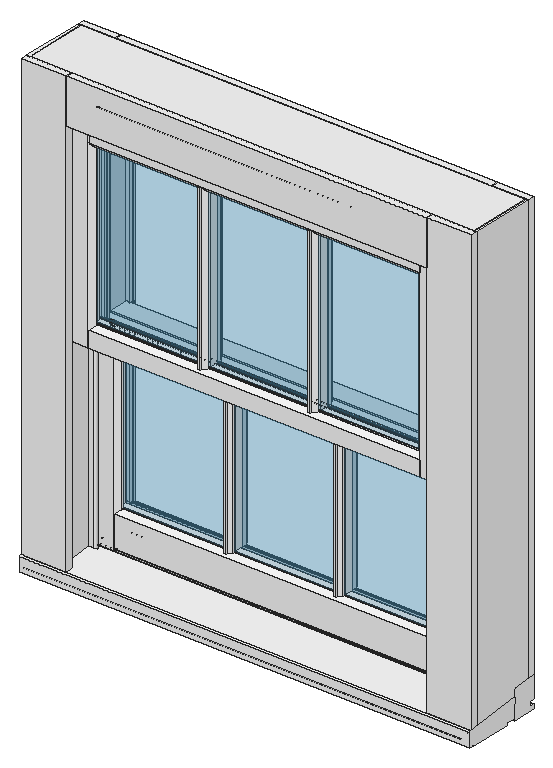
Revit family "B1-33V", category Generic Models, Revit 2012 (continued)
Forms (mm)
  Extrusion 85, solid, material "White" <- "Floor Material", detail levels fine
    sketch origin (-420.706, -53.846, -227.023) x (1, 0, 0) y (0, 1, 0)
      loop
        line (-8.825, 93.096) -> (11.175, 93.096) -> (11.175, 99.096) -> (9.175, 99.096) -> (9.175, 101.596)
        arc (9.175, 101.596) -> (7.469, 106.111) -> (3.675, 109.096) r 9
        line (3.675, 109.096) -> (3.675, 111.096) -> (-1.325, 111.096) -> (-1.325, 109.096)
        arc (-1.325, 109.096) -> (-5.119, 106.111) -> (-6.825, 101.596) r 9
        line (-6.825, 101.596) -> (-6.825, 99.096) -> (-8.825, 99.096) -> (-8.825, 93.096)
      loop
        line (-8.825, 61.911) -> (-1.376, 53.757) -> (-1.376, 51.757) -> (3.624, 51.757) -> (3.624, 53.757) -> (11.175, 64.711) -> (-8.825, 64.711) -> (-8.825, 61.911)
    from 754.583 to 1118.062
  Extrusion 86, solid, material "White" <- "Floor Material"
    sketch origin (-21.437, 0, -227.023) x (1, 0, 0) y (0, 1, 0)
      loop
        line (-408.094, 34) -> (-408.094, 18) -> (-388.094, 18) -> (-388.094, 34) -> (-408.094, 34)
    from 754.583 to 1108
  Extrusion 87, solid, material "White" <- "Floor Material"
    sketch origin (-21.437, 71, -227.023) x (1, 0, 0) y (0, 1, 0)
      loop
        line (-408.094, 34) -> (-408.094, 18) -> (-388.094, 18) -> (-388.094, 34) -> (-408.094, 34)
    from 356.027 to 710.583
  Extrusion 88, solid, material "White" <- "Floor Material"
    sketch origin (-175.124, 16.904, -227.023) x (1, 0, 0) y (0, 1, 0)
      loop
        line (-8.825, 91.096) -> (11.175, 91.096) -> (11.175, 99.096) -> (9.175, 99.096) -> (9.175, 100.804)
        arc (9.175, 100.804) -> (7.675, 105.779) -> (3.675, 109.096) r 9
        line (3.675, 109.096) -> (3.675, 111.096) -> (-1.325, 111.096) -> (-1.325, 109.096)
        arc (-1.325, 109.096) -> (-5.325, 105.779) -> (-6.825, 100.804) r 9
        line (-6.825, 100.804) -> (-6.825, 99.096) -> (-8.825, 99.096) -> (-8.825, 91.096)
      loop
        line (11.175, 62.296) -> (11.175, 65.096) -> (-8.825, 65.096) -> (-8.825, 62.296) -> (-1.325, 54.142) -> (-1.325, 52.142) -> (3.675, 52.142) -> (3.675, 54.142) -> (11.175, 62.296)
    from 356.027 to 710.583
  Extrusion 89, solid, material "White" <- "Floor Material", detail levels fine
    sketch origin (-175.124, -53.846, -227.023) x (1, 0, 0) y (0, 1, 0)
      loop
        line (-8.825, 93.096) -> (11.175, 93.096) -> (11.175, 99.096) -> (9.175, 99.096) -> (9.175, 101.596)
        arc (9.175, 101.596) -> (7.469, 106.111) -> (3.675, 109.096) r 9
        line (3.675, 109.096) -> (3.675, 111.096) -> (-1.325, 111.096) -> (-1.325, 109.096)
        arc (-1.325, 109.096) -> (-5.325, 105.779) -> (-6.825, 100.804) r 9
        line (-6.825, 100.804) -> (-6.825, 99.096) -> (-8.825, 99.096) -> (-8.825, 93.096)
      loop
        line (-8.825, 61.911) -> (-1.376, 53.757) -> (-1.376, 51.757) -> (3.624, 51.757) -> (3.624, 53.757) -> (11.175, 64.711) -> (-8.825, 64.711) -> (-8.825, 61.911)
    from 754.583 to 1118.062
  Extrusion 90, solid, material "White" <- "Floor Material"
    sketch origin (224.145, 0, -227.023) x (1, 0, 0) y (0, 1, 0)
      loop
        line (-408.094, 34) -> (-408.094, 18) -> (-388.094, 18) -> (-388.094, 34) -> (-408.094, 34)
    from 754.583 to 1108
  Extrusion 91, solid, material "White" <- "Floor Material"
    sketch origin (224.145, 71, -227.023) x (1, 0, 0) y (0, 1, 0)
      loop
        line (-408.094, 34) -> (-408.094, 18) -> (-388.094, 18) -> (-388.094, 34) -> (-408.094, 34)
    from 356.027 to 710.583
Dimensions and locks
  plane 4 to level = 1023.04 mm
  plane 8 to plane 5 = 131 mm  (x2)
  plane 9 to plane 7 = 174 mm
  locked: plane 10 to plane 11 at 44
  locked: plane 4 to plane 12 at 100
  locked: plane 13 to plane 12 at 14
  plane 14 to level = 33 mm
  locked: Extrusion 58 to Extrusion 58 at 6
  Extrusion 4 to Extrusion 4 = 4 mm
  locked: plane 4 to plane 15 at 82
  plane 16 to level = 68 mm
  "Width": plane 17 to plane 5
  Extrusion 57 to Extrusion 24 = 1023.04 mm
  locked: Extrusion 80 to Extrusion 80 at 6
  plane 17 to plane 3 "Center (Left/Right)" = 131 mm
  aligned and locked: level to plane 2
  aligned and locked: Extrusion 5 to Extrusion 6
  aligned and locked: Extrusion 34 to Extrusion 33
  aligned and locked: plane 7 to Extrusion 23
  aligned and locked: Extrusion 16 to plane 8
  aligned and locked: Extrusion 14 to plane 8
  aligned and locked: Extrusion 21 to plane 8
  aligned and locked: Extrusion 18 to plane 8
  aligned and locked: Extrusion 20 to plane 8
  aligned and locked: Extrusion 17 to plane 8
  aligned and locked: Extrusion 19 to plane 8
  aligned and locked: Extrusion 22 to plane 8
  aligned and locked: Extrusion 8 to plane 8
  aligned and locked: Extrusion 10 to plane 8
  aligned and locked: Extrusion 3 to plane 8
  aligned and locked: Extrusion 9 to plane 8
  aligned and locked: Extrusion 5 to plane 8
  aligned and locked: Extrusion 7 to plane 8
  aligned and locked: Extrusion 2 to plane 8
  aligned and locked: Extrusion 6 to plane 8
  aligned and locked: Extrusion 9 to Extrusion 16
  aligned and locked: Extrusion 8 to Extrusion 16
  aligned and locked: Extrusion 29 to plane 8
  aligned and locked: Extrusion 27 to plane 8
  aligned and locked: Extrusion 31 to plane 8
  aligned and locked: Extrusion 34 to plane 8
  aligned and locked: Extrusion 33 to plane 8
  aligned and locked: Extrusion 35 to plane 8
  aligned and locked: Extrusion 36 to plane 8
  aligned and locked: Extrusion 32 to plane 8
  aligned and locked: Extrusion 28 to plane 8
  aligned and locked: Extrusion 4 to plane 8
  aligned and locked: plane 10 to Extrusion 2
  aligned and locked: plane 10 to Extrusion 40
  aligned and locked: plane 11 to Extrusion 1
  aligned and locked: Extrusion 44 to plane 11
  aligned and locked: Extrusion 43 to plane 11
  aligned and locked: plane 13 to Extrusion 43
  aligned and locked: plane 13 to Extrusion 44
  aligned and locked: plane 13 to Extrusion 54
  aligned and locked: plane 13 to Extrusion 53
  aligned and locked: plane 13 to Extrusion 52
  aligned and locked: plane 13 to Extrusion 46
  aligned and locked: Extrusion 15 to Extrusion 55
  aligned and locked: Extrusion 25 to plane 17
Automatic sketch dimensions
  plane 1 "Center (Front/Back)" to Extrusion 17 sketch curve = 3.465 mm
  Extrusion 17 sketch curve to Extrusion 17 sketch curve = 1.414 mm
  Extrusion 17 sketch curve to plane 15 = 1.206 mm
  Extrusion 17 sketch curve to plane 15 = 0.117 mm
  plane 15 to Extrusion 17 sketch curve = 2.992 mm
  Extrusion 17 sketch curve to Extrusion 17 sketch curve = 1.085 mm
  plane 15 to Extrusion 18 sketch curve = 2.687 mm
  plane 1 "Center (Front/Back)" to Extrusion 18 sketch curve = 8.25 mm
  plane 15 to Extrusion 18 sketch curve = 0.187 mm
  Extrusion 18 sketch curve to Extrusion 18 sketch curve = 4 mm
  Extrusion 18 sketch curve to Extrusion 18 sketch curve = 0 mm
  Extrusion 18 sketch curve to Extrusion 18 sketch curve = 0.786 mm
  Extrusion 18 sketch curve to Extrusion 18 sketch curve = 1.414 mm  (x2)
  Extrusion 18 sketch curve to Extrusion 18 sketch curve = 0.8 mm  (x2)
  Extrusion 18 sketch curve to plane 15 = 0.117 mm
  Extrusion 18 sketch curve to plane 15 = 1.206 mm
  Extrusion 18 sketch curve to Extrusion 18 sketch curve = 0.857 mm  (x2)
  plane 15 to Extrusion 18 sketch curve = 2.992 mm
  Extrusion 18 sketch curve to Extrusion 18 sketch curve = 1.089 mm
  plane 1 "Center (Front/Back)" to Extrusion 19 sketch curve = 2.05 mm
  Extrusion 19 sketch curve to plane 1 "Center (Front/Back)" = 2.612 mm
  Extrusion 19 sketch curve to plane 15 = 1.419 mm
  plane 15 to Extrusion 19 sketch curve = 0.664 mm
  Extrusion 19 sketch curve to Extrusion 19 sketch curve = 1.235 mm
  plane 15 to Extrusion 19 sketch curve = 4.262 mm
  plane 5 to Extrusion 38 sketch curve = 34.063 mm  (x2)
  Extrusion 38 sketch curve to Extrusion 38 sketch curve = 45 mm  (x2)
  Extrusion 38 sketch curve to Extrusion 38 sketch curve = 0 mm  (x2)
  Extrusion 38 sketch curve to Extrusion 38 sketch curve = 3 mm  (x2)
  Extrusion 38 sketch curve to plane 1 "Center (Front/Back)" = 14.937 mm
  Extrusion 38 sketch curve to plane 1 "Center (Front/Back)" = 21.437 mm
  Extrusion 38 sketch curve to Extrusion 38 sketch curve = 16 mm  (x2)
  Extrusion 38 sketch curve to Extrusion 38 sketch curve = 6.5 mm  (x3)
  Extrusion 38 sketch curve to Extrusion 38 sketch curve = 42 mm
  Extrusion 72 sketch curve to plane 24 = 2.01 mm
  Extrusion 72 sketch curve to Extrusion 72 sketch curve = 0.402 mm
  Extrusion 72 sketch curve to Extrusion 72 sketch curve = 0.389 mm
  plane 24 to Extrusion 72 sketch curve = 2.251 mm
  Extrusion 72 sketch curve to Extrusion 72 sketch curve = 0.129 mm  (x2)
  Extrusion 72 sketch curve to Extrusion 72 sketch curve = 0.752 mm
  Extrusion 72 sketch curve to Extrusion 72 sketch curve = 0.163 mm
  plane 24 to Extrusion 72 sketch curve = 3.228 mm
  Extrusion 72 sketch curve to Extrusion 72 sketch curve = 0.092 mm
  Extrusion 72 sketch curve to Extrusion 72 sketch curve = 0.227 mm
  Extrusion 72 sketch curve to Extrusion 72 sketch curve = 0.4 mm
  Extrusion 72 sketch curve to Extrusion 72 sketch curve = 0.019 mm
  Extrusion 72 sketch curve to Extrusion 72 sketch curve = 0.794 mm
  Extrusion 72 sketch curve to Extrusion 72 sketch curve = 0.616 mm
  Extrusion 72 sketch curve to Extrusion 72 sketch curve = 0.767 mm
  Extrusion 72 sketch curve to Extrusion 72 sketch curve = 0.79 mm
  Extrusion 72 sketch curve to Extrusion 72 sketch curve = 0.784 mm
  Extrusion 72 sketch curve to Extrusion 72 sketch curve = 0.331 mm  (x2)
  Extrusion 72 sketch curve to plane 1 "Center (Front/Back)" = 52.39 mm
  Extrusion 72 sketch curve to Extrusion 72 sketch curve = 1.707 mm
  Extrusion 72 sketch curve to Extrusion 72 sketch curve = 0.222 mm
  Extrusion 72 sketch curve to Extrusion 72 sketch curve = 0.555 mm
  Extrusion 72 sketch curve to Extrusion 72 sketch curve = 0.865 mm
  Extrusion 72 sketch curve to Extrusion 72 sketch curve = 0.036 mm
  Extrusion 72 sketch curve to Extrusion 72 sketch curve = 0.731 mm
  Extrusion 72 sketch curve to Extrusion 72 sketch curve = 0.077 mm
  Extrusion 72 sketch curve to Extrusion 72 sketch curve = 0.522 mm
  Extrusion 72 sketch curve to Extrusion 72 sketch curve = 0.368 mm
  Extrusion 72 sketch curve to Extrusion 72 sketch curve = 0.552 mm
  Extrusion 72 sketch curve to Extrusion 72 sketch curve = 0.735 mm
  Extrusion 72 sketch curve to Extrusion 72 sketch curve = 0.072 mm
  Extrusion 72 sketch curve to Extrusion 72 sketch curve = 0.083 mm
  plane 1 "Center (Front/Back)" to Extrusion 75 sketch curve = 2.034 mm
  plane 24 to Extrusion 75 sketch curve = 6.772 mm
  Extrusion 75 sketch curve to Extrusion 75 sketch curve = 1.26 mm
  Extrusion 75 sketch curve to Extrusion 75 sketch curve = 3.11 mm
  Extrusion 75 sketch curve to Extrusion 75 sketch curve = 0.958 mm
  Extrusion 75 sketch curve to Extrusion 75 sketch curve = 1.305 mm
  Extrusion 76 sketch curve to plane 1 "Center (Front/Back)" = 2.628 mm
  plane 24 to Extrusion 76 sketch curve = 6.886 mm
  plane 1 "Center (Front/Back)" to Extrusion 76 sketch curve = 2.034 mm
  Extrusion 76 sketch curve to Extrusion 76 sketch curve = 2.083 mm
  Extrusion 76 sketch curve to Extrusion 76 sketch curve = 1.235 mm
  Extrusion 76 sketch curve to Extrusion 76 sketch curve = 2.363 mm
  plane 1 "Center (Front/Back)" to Extrusion 77 sketch curve = 1.25 mm  (x2)
  plane 24 to Extrusion 77 sketch curve = 6.079 mm
  Extrusion 77 sketch curve to Extrusion 77 sketch curve = 0.693 mm
  Extrusion 77 sketch curve to Extrusion 77 sketch curve = 0.8 mm  (x2)
  Extrusion 77 sketch curve to Extrusion 77 sketch curve = 1.557 mm
  Extrusion 77 sketch curve to Extrusion 77 sketch curve = 2.435 mm
  Extrusion 77 sketch curve to Extrusion 77 sketch curve = 0.536 mm
  Extrusion 77 sketch curve to Extrusion 77 sketch curve = 0.979 mm
  Extrusion 77 sketch curve to Extrusion 77 sketch curve = 0.786 mm  (x2)
  Extrusion 77 sketch curve to Extrusion 77 sketch curve = 1.303 mm
  Extrusion 77 sketch curve to Extrusion 77 sketch curve = 0.911 mm  (x2)
  Extrusion 77 sketch curve to Extrusion 77 sketch curve = 4 mm
  plane 18 to Extrusion 86 sketch curve = 10.028 mm
  Extrusion 86 sketch curve to plane 18 = 9.972 mm
  Extrusion 86 sketch curve to plane 1 "Center (Front/Back)" = 18 mm
  Extrusion 86 sketch curve to Extrusion 86 sketch curve = 16 mm
  Extrusion 90 sketch curve to plane 19 = 9.949 mm
  plane 19 to Extrusion 90 sketch curve = 10.051 mm
  Extrusion 90 sketch curve to plane 1 "Center (Front/Back)" = 18 mm
  Extrusion 90 sketch curve to Extrusion 90 sketch curve = 16 mm
  plane 18 to Extrusion 85 sketch curve = 10.028 mm  (x2)
  Extrusion 85 sketch curve to Extrusion 85 sketch curve = 2 mm  (x4)
  plane 1 "Center (Front/Back)" to Extrusion 85 sketch curve = 0.089 mm  (x2)
  plane 18 to Extrusion 85 sketch curve = 2.578 mm
  plane 18 to Extrusion 85 sketch curve = 2.528 mm
  Extrusion 85 sketch curve to plane 18 = 0.936 mm
  plane 18 to Extrusion 85 sketch curve = 0.991 mm
  Extrusion 85 sketch curve to plane 18 = 2.422 mm
  Extrusion 85 sketch curve to plane 18 = 2.472 mm
  Extrusion 85 sketch curve to Extrusion 85 sketch curve = 8.964 mm
  Extrusion 85 sketch curve to plane 18 = 9.972 mm
  Extrusion 85 sketch curve to plane 1 "Center (Front/Back)" = 8.065 mm
  Extrusion 85 sketch curve to Extrusion 85 sketch curve = 2.8 mm
  Extrusion 85 sketch curve to Extrusion 85 sketch curve = 28.385 mm
  Extrusion 85 sketch curve to Extrusion 85 sketch curve = 6 mm  (x2)
  Extrusion 85 sketch curve to Extrusion 85 sketch curve = 1.693 mm
  Extrusion 85 sketch curve to Extrusion 85 sketch curve = 2.5 mm  (x2)
  Extrusion 85 sketch curve to Extrusion 85 sketch curve = 0 mm
  Extrusion 84 sketch curve to plane 21 = 2 mm
  plane 18 to Extrusion 84 sketch curve = 10.028 mm  (x2)
  Extrusion 84 sketch curve to Extrusion 84 sketch curve = 2 mm  (x4)
  plane 18 to Extrusion 84 sketch curve = 2.528 mm  (x2)
  plane 18 to Extrusion 84 sketch curve = 1.028 mm
  Extrusion 84 sketch curve to plane 18 = 0.972 mm
  Extrusion 84 sketch curve to plane 18 = 2.472 mm  (x2)
  Extrusion 84 sketch curve to Extrusion 84 sketch curve = 7 mm
  Extrusion 84 sketch curve to plane 18 = 9.972 mm
  Extrusion 84 sketch curve to Extrusion 84 sketch curve = 26 mm
  Extrusion 84 sketch curve to Extrusion 84 sketch curve = 2.8 mm  (x2)
  Extrusion 84 sketch curve to Extrusion 84 sketch curve = 8.154 mm
  Extrusion 84 sketch curve to Extrusion 84 sketch curve = 0 mm  (x2)
  plane 21 to Extrusion 84 sketch curve = 6 mm  (x2)
  Extrusion 84 sketch curve to Extrusion 84 sketch curve = 1.708 mm
  Extrusion 88 sketch curve to plane 25 = 2 mm
  Extrusion 88 sketch curve to plane 19 = 9.949 mm  (x2)
  Extrusion 88 sketch curve to Extrusion 88 sketch curve = 2 mm  (x4)
  Extrusion 88 sketch curve to plane 19 = 2.449 mm  (x2)
  Extrusion 88 sketch curve to plane 19 = 0.949 mm
  plane 19 to Extrusion 88 sketch curve = 1.051 mm
  plane 19 to Extrusion 88 sketch curve = 2.551 mm  (x2)
  Extrusion 88 sketch curve to Extrusion 88 sketch curve = 7 mm
  plane 19 to Extrusion 88 sketch curve = 10.051 mm
  Extrusion 88 sketch curve to Extrusion 88 sketch curve = 26 mm
  Extrusion 88 sketch curve to Extrusion 88 sketch curve = 2.8 mm  (x2)
  Extrusion 88 sketch curve to Extrusion 88 sketch curve = 8.154 mm
  Extrusion 88 sketch curve to Extrusion 88 sketch curve = 0 mm  (x2)
  plane 25 to Extrusion 88 sketch curve = 6 mm  (x2)
  Extrusion 88 sketch curve to Extrusion 88 sketch curve = 1.708 mm
  Extrusion 89 sketch curve to plane 19 = 9.949 mm  (x2)
  Extrusion 89 sketch curve to Extrusion 89 sketch curve = 2 mm  (x3)
  Extrusion 89 sketch curve to plane 19 = 2.5 mm
  Extrusion 89 sketch curve to plane 19 = 2.449 mm
  plane 19 to Extrusion 89 sketch curve = 1.051 mm
  Extrusion 89 sketch curve to plane 19 = 0.913 mm
  plane 1 "Center (Front/Back)" to Extrusion 89 sketch curve = 0.089 mm  (x2)
  plane 19 to Extrusion 89 sketch curve = 2.5 mm
  plane 19 to Extrusion 89 sketch curve = 2.551 mm
  Extrusion 89 sketch curve to Extrusion 89 sketch curve = 8.964 mm
  plane 19 to Extrusion 89 sketch curve = 10.051 mm
  plane 1 "Center (Front/Back)" to Extrusion 89 sketch curve = 2.089 mm
  Extrusion 89 sketch curve to plane 1 "Center (Front/Back)" = 8.065 mm
  Extrusion 89 sketch curve to Extrusion 89 sketch curve = 2.8 mm
  Extrusion 89 sketch curve to Extrusion 89 sketch curve = 28.385 mm
  Extrusion 89 sketch curve to Extrusion 89 sketch curve = 6 mm  (x2)
  Extrusion 89 sketch curve to Extrusion 89 sketch curve = 1.708 mm
  Extrusion 89 sketch curve to Extrusion 89 sketch curve = 2.5 mm
  Extrusion 89 sketch curve to Extrusion 89 sketch curve = 0.015 mm
  Extrusion 1 sketch curve to plane 1 "Center (Front/Back)" = 0 mm
  Extrusion 1 sketch curve to plane 10 = 0 mm
  Extrusion 1 sketch curve to plane 11 = 0 mm  (x2)
  Extrusion 1 sketch curve to plane 1 "Center (Front/Back)" = 10 mm
  Extrusion 1 sketch curve to plane 1 "Center (Front/Back)" = 12 mm
  Extrusion 1 sketch curve to plane 10 = 2 mm
  Extrusion 1 sketch curve to Extrusion 1 sketch curve = 6 mm  (x2)
  Extrusion 1 sketch curve to Extrusion 1 sketch curve = 30.175 mm
  Extrusion 1 sketch curve to Extrusion 1 sketch curve = 16 mm  (x2)
  Extrusion 1 sketch curve to Extrusion 1 sketch curve = 20 mm
  Extrusion 1 sketch curve to Extrusion 1 sketch curve = 1.357 mm
  Extrusion 1 sketch curve to Extrusion 1 sketch curve = 0.828 mm
  Extrusion 1 sketch curve to Extrusion 1 sketch curve = 1.388 mm
  Extrusion 1 sketch curve to plane 10 = 14.41 mm
  Extrusion 1 sketch curve to Extrusion 1 sketch curve = 0.641 mm
  Extrusion 1 sketch curve to plane 10 = 11.725 mm
  Extrusion 1 sketch curve to Extrusion 1 sketch curve = 1.127 mm
  Extrusion 1 sketch curve to Extrusion 1 sketch curve = 2.057 mm
  Extrusion 1 sketch curve to Extrusion 1 sketch curve = 0.597 mm
  Extrusion 1 sketch curve to Extrusion 1 sketch curve = 0.817 mm  (x2)
  plane 11 to Extrusion 1 sketch curve = 2 mm
  Extrusion 1 sketch curve to Extrusion 1 sketch curve = 29 mm
  Extrusion 1 sketch curve to Extrusion 1 sketch curve = 4 mm  (x4)
  plane 11 to Extrusion 1 sketch curve = 4 mm
  Extrusion 1 sketch curve to Extrusion 1 sketch curve = 3 mm  (x2)
  Extrusion 1 sketch curve to Extrusion 1 sketch curve = 1 mm  (x2)
  Extrusion 1 sketch curve to Extrusion 1 sketch curve = 8 mm
  plane 11 to Extrusion 1 sketch curve = 3 mm
  Extrusion 1 sketch curve to Extrusion 1 sketch curve = 10 mm
  Extrusion 1 sketch curve to Extrusion 1 sketch curve = 4.59 mm
  Extrusion 1 sketch curve to Extrusion 1 sketch curve = 0.621 mm
  Extrusion 1 sketch curve to Extrusion 1 sketch curve = 1.157 mm
  Extrusion 1 sketch curve to Extrusion 1 sketch curve = 14 mm
  Extrusion 1 sketch curve to Extrusion 1 sketch curve = 0.824 mm
  Extrusion 1 sketch curve to plane 10 = 10 mm
  Extrusion 3 sketch curve to plane 10 = 0 mm  (x2)
  Extrusion 3 sketch curve to plane 11 = 0 mm  (x2)
  Extrusion 3 sketch curve to plane 1 "Center (Front/Back)" = 12 mm
  Extrusion 3 sketch curve to Extrusion 3 sketch curve = 2 mm  (x2)
  plane 10 to Extrusion 3 sketch curve = 0.491 mm
  Extrusion 3 sketch curve to Extrusion 3 sketch curve = 24 mm  (x2)
  Extrusion 3 sketch curve to Extrusion 3 sketch curve = 3 mm  (x3)
  Extrusion 3 sketch curve to Extrusion 3 sketch curve = 4 mm  (x2)
  plane 11 to Extrusion 3 sketch curve = 3 mm
  Extrusion 3 sketch curve to Extrusion 3 sketch curve = 42 mm
  Extrusion 3 sketch curve to plane 11 = 0.491 mm
  plane 11 to Extrusion 3 sketch curve = 4 mm
  Extrusion 3 sketch curve to plane 11 = 0.246 mm
  Extrusion 3 sketch curve to Extrusion 3 sketch curve = 0.246 mm  (x2)
  Extrusion 3 sketch curve to plane 10 = 4 mm
  plane 10 to Extrusion 3 sketch curve = 0.246 mm
  plane 7 to Extrusion 4 sketch curve = 67.764 mm
  Extrusion 4 sketch curve to Extrusion 4 sketch curve = 4 mm  (x2)
  Extrusion 4 sketch curve to Extrusion 4 sketch curve = 16 mm
  plane 16 to Extrusion 4 sketch curve = 49.004 mm
  Extrusion 4 sketch curve to Extrusion 4 sketch curve = 0 mm
  plane 11 to Extrusion 4 sketch curve = 16 mm  (x2)
  Extrusion 5 sketch curve to plane 10 = 16.1 mm
  Extrusion 5 sketch curve to plane 1 "Center (Front/Back)" = 61.71 mm
  Extrusion 5 sketch curve to Extrusion 5 sketch curve = 0.207 mm
  Extrusion 5 sketch curve to Extrusion 5 sketch curve = 0.208 mm
  Extrusion 5 sketch curve to Extrusion 5 sketch curve = 0.097 mm  (x2)
  Extrusion 5 sketch curve to Extrusion 5 sketch curve = 0.695 mm
  Extrusion 5 sketch curve to Extrusion 5 sketch curve = 0.01 mm
  Extrusion 5 sketch curve to Extrusion 5 sketch curve = 0.515 mm
  Extrusion 5 sketch curve to Extrusion 5 sketch curve = 0.807 mm
  Extrusion 5 sketch curve to Extrusion 5 sketch curve = 0.052 mm
  Extrusion 5 sketch curve to Extrusion 5 sketch curve = 0.494 mm
  Extrusion 5 sketch curve to Extrusion 5 sketch curve = 0.432 mm
  Extrusion 5 sketch curve to Extrusion 5 sketch curve = 0.799 mm
  Extrusion 5 sketch curve to Extrusion 5 sketch curve = 0.784 mm
  Extrusion 5 sketch curve to Extrusion 5 sketch curve = 0.893 mm  (x3)
  Extrusion 5 sketch curve to Extrusion 5 sketch curve = 3.071 mm
  Extrusion 5 sketch curve to Extrusion 5 sketch curve = 2.464 mm
  Extrusion 5 sketch curve to Extrusion 5 sketch curve = 0.602 mm  (x2)
  Extrusion 5 sketch curve to Extrusion 5 sketch curve = 2.962 mm
  Extrusion 5 sketch curve to Extrusion 5 sketch curve = 0.109 mm
  Extrusion 5 sketch curve to Extrusion 5 sketch curve = 0.606 mm
  Extrusion 5 sketch curve to Extrusion 5 sketch curve = 1.622 mm
  Extrusion 5 sketch curve to Extrusion 5 sketch curve = 0.373 mm
  Extrusion 5 sketch curve to Extrusion 5 sketch curve = 2.848 mm
  Extrusion 5 sketch curve to Extrusion 5 sketch curve = 0.798 mm
  Extrusion 5 sketch curve to Extrusion 5 sketch curve = 0.078 mm
  Extrusion 5 sketch curve to Extrusion 5 sketch curve = 0.64 mm
  Extrusion 5 sketch curve to Extrusion 5 sketch curve = 0.422 mm
  Extrusion 5 sketch curve to Extrusion 5 sketch curve = 1.377 mm
  Extrusion 5 sketch curve to Extrusion 5 sketch curve = 1.698 mm
  Extrusion 5 sketch curve to Extrusion 5 sketch curve = 0.083 mm
  Extrusion 5 sketch curve to Extrusion 5 sketch curve = 2.325 mm
  Extrusion 5 sketch curve to Extrusion 5 sketch curve = 2.362 mm
  Extrusion 5 sketch curve to Extrusion 5 sketch curve = 0.218 mm
  Extrusion 5 sketch curve to Extrusion 5 sketch curve = 0.794 mm  (x2)
  Extrusion 5 sketch curve to Extrusion 5 sketch curve = 0.584 mm
  Extrusion 5 sketch curve to Extrusion 5 sketch curve = 0.621 mm
  Extrusion 5 sketch curve to Extrusion 5 sketch curve = 0.663 mm
  Extrusion 5 sketch curve to Extrusion 5 sketch curve = 0.085 mm
  Extrusion 5 sketch curve to Extrusion 5 sketch curve = 0.645 mm
  Extrusion 5 sketch curve to Extrusion 5 sketch curve = 1.316 mm
  Extrusion 5 sketch curve to Extrusion 5 sketch curve = 0.482 mm
  Extrusion 5 sketch curve to Extrusion 5 sketch curve = 0.026 mm
  Extrusion 5 sketch curve to Extrusion 5 sketch curve = 2.763 mm
  Extrusion 5 sketch curve to Extrusion 5 sketch curve = 0.86 mm
  Extrusion 6 sketch curve to plane 10 = 16 mm
  Extrusion 6 sketch curve to plane 1 "Center (Front/Back)" = 61.71 mm
  Extrusion 6 sketch curve to Extrusion 6 sketch curve = 0.208 mm
  Extrusion 6 sketch curve to Extrusion 6 sketch curve = 0.098 mm
  Extrusion 6 sketch curve to Extrusion 6 sketch curve = 0.097 mm  (x5)
  Extrusion 6 sketch curve to Extrusion 6 sketch curve = 0.697 mm  (x2)
  Extrusion 6 sketch curve to Extrusion 6 sketch curve = 0.518 mm
  Extrusion 6 sketch curve to Extrusion 6 sketch curve = 0.694 mm
  Extrusion 6 sketch curve to Extrusion 6 sketch curve = 0.165 mm
  Extrusion 6 sketch curve to Extrusion 6 sketch curve = 0.689 mm
  Extrusion 6 sketch curve to Extrusion 6 sketch curve = 0.644 mm
  Extrusion 6 sketch curve to Extrusion 6 sketch curve = 0.799 mm
  Extrusion 6 sketch curve to Extrusion 6 sketch curve = 0.794 mm  (x4)
  Extrusion 6 sketch curve to Extrusion 6 sketch curve = 3.119 mm
  Extrusion 6 sketch curve to Extrusion 6 sketch curve = 2.365 mm
  Extrusion 6 sketch curve to Extrusion 6 sketch curve = 0.661 mm  (x2)
  Extrusion 6 sketch curve to Extrusion 6 sketch curve = 3.021 mm
  Extrusion 6 sketch curve to Extrusion 6 sketch curve = 0.541 mm
  Extrusion 6 sketch curve to Extrusion 6 sketch curve = 1.585 mm
  Extrusion 6 sketch curve to Extrusion 6 sketch curve = 0.629 mm
  Extrusion 6 sketch curve to Extrusion 6 sketch curve = 2.86 mm
  Extrusion 6 sketch curve to Extrusion 6 sketch curve = 0.091 mm
  Extrusion 6 sketch curve to Extrusion 6 sketch curve = 0.411 mm
  Extrusion 6 sketch curve to Extrusion 6 sketch curve = 0.739 mm
  Extrusion 6 sketch curve to Extrusion 6 sketch curve = 0.509 mm
  Extrusion 6 sketch curve to Extrusion 6 sketch curve = 1.464 mm
  Extrusion 6 sketch curve to Extrusion 6 sketch curve = 1.698 mm
  Extrusion 6 sketch curve to Extrusion 6 sketch curve = 0.134 mm
  Extrusion 6 sketch curve to Extrusion 6 sketch curve = 2.325 mm
  Extrusion 6 sketch curve to Extrusion 6 sketch curve = 2.323 mm
  Extrusion 6 sketch curve to Extrusion 6 sketch curve = 0.2 mm
  Extrusion 6 sketch curve to Extrusion 6 sketch curve = 0.501 mm
  Extrusion 6 sketch curve to Extrusion 6 sketch curve = 0.092 mm
  Extrusion 6 sketch curve to Extrusion 6 sketch curve = 0.722 mm
  Extrusion 6 sketch curve to Extrusion 6 sketch curve = 0.763 mm
  Extrusion 6 sketch curve to Extrusion 6 sketch curve = 0.744 mm
  Extrusion 6 sketch curve to Extrusion 6 sketch curve = 1.416 mm
  Extrusion 6 sketch curve to Extrusion 6 sketch curve = 0.365 mm
  Extrusion 6 sketch curve to Extrusion 6 sketch curve = 0.077 mm
  Extrusion 6 sketch curve to Extrusion 6 sketch curve = 2.759 mm
  Extrusion 6 sketch curve to Extrusion 6 sketch curve = 0.941 mm
  Extrusion 7 sketch curve to plane 10 = 15.718 mm
  Extrusion 7 sketch curve to plane 1 "Center (Front/Back)" = 56.897 mm
  Extrusion 7 sketch curve to Extrusion 7 sketch curve = 0.097 mm  (x2)
  Extrusion 7 sketch curve to Extrusion 7 sketch curve = 0.233 mm
  Extrusion 7 sketch curve to Extrusion 7 sketch curve = 0.437 mm
  Extrusion 7 sketch curve to Extrusion 7 sketch curve = 0.496 mm
  Extrusion 7 sketch curve to Extrusion 7 sketch curve = 0.065 mm
  Extrusion 7 sketch curve to Extrusion 7 sketch curve = 0.807 mm
  Extrusion 7 sketch curve to Extrusion 7 sketch curve = 0.052 mm
  Extrusion 7 sketch curve to Extrusion 7 sketch curve = 0.552 mm
  Extrusion 7 sketch curve to Extrusion 7 sketch curve = 0.432 mm
  Extrusion 7 sketch curve to Extrusion 7 sketch curve = 0.07 mm
  Extrusion 7 sketch curve to Extrusion 7 sketch curve = 0.799 mm
  Extrusion 7 sketch curve to Extrusion 7 sketch curve = 2.464 mm
  Extrusion 7 sketch curve to Extrusion 7 sketch curve = 5.127 mm
  Extrusion 7 sketch curve to Extrusion 7 sketch curve = 0.03 mm
  Extrusion 7 sketch curve to Extrusion 7 sketch curve = 0.032 mm
  Extrusion 7 sketch curve to Extrusion 7 sketch curve = 0.218 mm
  Extrusion 7 sketch curve to Extrusion 7 sketch curve = 0.346 mm
  Extrusion 7 sketch curve to Extrusion 7 sketch curve = 0.794 mm  (x2)
  Extrusion 7 sketch curve to Extrusion 7 sketch curve = 0.584 mm
  Extrusion 7 sketch curve to Extrusion 7 sketch curve = 0.621 mm
  Extrusion 7 sketch curve to Extrusion 7 sketch curve = 0.663 mm
  Extrusion 7 sketch curve to Extrusion 7 sketch curve = 4.187 mm
  Extrusion 7 sketch curve to Extrusion 7 sketch curve = 0.013 mm
  Extrusion 7 sketch curve to Extrusion 7 sketch curve = 0.465 mm
  Extrusion 7 sketch curve to Extrusion 7 sketch curve = 0.061 mm
  Extrusion 7 sketch curve to Extrusion 7 sketch curve = 0.661 mm
  Extrusion 7 sketch curve to Extrusion 7 sketch curve = 0.251 mm
  plane 11 to Extrusion 8 sketch curve = 16.382 mm
  Extrusion 8 sketch curve to plane 1 "Center (Front/Back)" = 69.29 mm
  Extrusion 8 sketch curve to Extrusion 8 sketch curve = 0.207 mm
  Extrusion 8 sketch curve to Extrusion 8 sketch curve = 0.208 mm
  Extrusion 8 sketch curve to Extrusion 8 sketch curve = 0.097 mm  (x2)
  Extrusion 8 sketch curve to Extrusion 8 sketch curve = 0.695 mm
  Extrusion 8 sketch curve to Extrusion 8 sketch curve = 0.01 mm
  Extrusion 8 sketch curve to Extrusion 8 sketch curve = 0.515 mm
  Extrusion 8 sketch curve to Extrusion 8 sketch curve = 0.807 mm
  Extrusion 8 sketch curve to Extrusion 8 sketch curve = 0.052 mm
  Extrusion 8 sketch curve to Extrusion 8 sketch curve = 0.494 mm
  Extrusion 8 sketch curve to Extrusion 8 sketch curve = 0.432 mm
  Extrusion 8 sketch curve to Extrusion 8 sketch curve = 0.799 mm
  Extrusion 8 sketch curve to Extrusion 8 sketch curve = 0.784 mm
  Extrusion 8 sketch curve to Extrusion 8 sketch curve = 0.893 mm  (x3)
  Extrusion 8 sketch curve to Extrusion 8 sketch curve = 3.071 mm
  Extrusion 8 sketch curve to Extrusion 8 sketch curve = 2.464 mm
  Extrusion 8 sketch curve to Extrusion 8 sketch curve = 0.602 mm  (x2)
  Extrusion 8 sketch curve to Extrusion 8 sketch curve = 2.962 mm
  Extrusion 8 sketch curve to Extrusion 8 sketch curve = 0.109 mm
  Extrusion 8 sketch curve to Extrusion 8 sketch curve = 0.606 mm
  Extrusion 8 sketch curve to Extrusion 8 sketch curve = 1.622 mm
  Extrusion 8 sketch curve to Extrusion 8 sketch curve = 0.373 mm
  Extrusion 8 sketch curve to Extrusion 8 sketch curve = 2.848 mm
  Extrusion 8 sketch curve to Extrusion 8 sketch curve = 0.798 mm
  Extrusion 8 sketch curve to Extrusion 8 sketch curve = 0.078 mm
  Extrusion 8 sketch curve to Extrusion 8 sketch curve = 0.64 mm
  Extrusion 8 sketch curve to Extrusion 8 sketch curve = 0.422 mm
  Extrusion 8 sketch curve to Extrusion 8 sketch curve = 1.377 mm
  Extrusion 8 sketch curve to Extrusion 8 sketch curve = 1.698 mm
  Extrusion 8 sketch curve to Extrusion 8 sketch curve = 0.083 mm
  Extrusion 8 sketch curve to Extrusion 8 sketch curve = 2.325 mm
  Extrusion 8 sketch curve to Extrusion 8 sketch curve = 2.362 mm
  Extrusion 8 sketch curve to Extrusion 8 sketch curve = 0.218 mm
  Extrusion 8 sketch curve to Extrusion 8 sketch curve = 0.794 mm  (x2)
  Extrusion 8 sketch curve to Extrusion 8 sketch curve = 0.584 mm
  Extrusion 8 sketch curve to Extrusion 8 sketch curve = 0.621 mm
  Extrusion 8 sketch curve to Extrusion 8 sketch curve = 0.663 mm
  Extrusion 8 sketch curve to Extrusion 8 sketch curve = 0.085 mm
  Extrusion 8 sketch curve to Extrusion 8 sketch curve = 0.645 mm
  Extrusion 8 sketch curve to Extrusion 8 sketch curve = 1.316 mm
  Extrusion 8 sketch curve to Extrusion 8 sketch curve = 0.482 mm
  Extrusion 8 sketch curve to Extrusion 8 sketch curve = 0.026 mm
  Extrusion 8 sketch curve to Extrusion 8 sketch curve = 2.763 mm
  Extrusion 8 sketch curve to Extrusion 8 sketch curve = 0.86 mm
  plane 11 to Extrusion 9 sketch curve = 16 mm
  Extrusion 9 sketch curve to plane 1 "Center (Front/Back)" = 74.103 mm
  Extrusion 9 sketch curve to Extrusion 9 sketch curve = 0.097 mm  (x2)
  Extrusion 9 sketch curve to Extrusion 9 sketch curve = 0.233 mm
  Extrusion 9 sketch curve to Extrusion 9 sketch curve = 0.437 mm
  Extrusion 9 sketch curve to Extrusion 9 sketch curve = 0.496 mm
  Extrusion 9 sketch curve to Extrusion 9 sketch curve = 0.065 mm
  Extrusion 9 sketch curve to Extrusion 9 sketch curve = 0.807 mm
  Extrusion 9 sketch curve to Extrusion 9 sketch curve = 0.052 mm
  Extrusion 9 sketch curve to Extrusion 9 sketch curve = 0.552 mm
  Extrusion 9 sketch curve to Extrusion 9 sketch curve = 0.432 mm
  Extrusion 9 sketch curve to Extrusion 9 sketch curve = 0.07 mm
  Extrusion 9 sketch curve to Extrusion 9 sketch curve = 0.799 mm
  Extrusion 9 sketch curve to Extrusion 9 sketch curve = 2.464 mm
  Extrusion 9 sketch curve to Extrusion 9 sketch curve = 5.127 mm
  Extrusion 9 sketch curve to Extrusion 9 sketch curve = 0.03 mm
  Extrusion 9 sketch curve to Extrusion 9 sketch curve = 0.032 mm
  Extrusion 9 sketch curve to Extrusion 9 sketch curve = 0.218 mm
  Extrusion 9 sketch curve to Extrusion 9 sketch curve = 0.346 mm
  Extrusion 9 sketch curve to Extrusion 9 sketch curve = 0.794 mm  (x2)
  Extrusion 9 sketch curve to Extrusion 9 sketch curve = 0.584 mm
  Extrusion 9 sketch curve to Extrusion 9 sketch curve = 0.621 mm
  Extrusion 9 sketch curve to Extrusion 9 sketch curve = 0.663 mm
  Extrusion 9 sketch curve to Extrusion 9 sketch curve = 4.187 mm
  Extrusion 9 sketch curve to Extrusion 9 sketch curve = 0.013 mm
  Extrusion 9 sketch curve to Extrusion 9 sketch curve = 0.465 mm
  Extrusion 9 sketch curve to Extrusion 9 sketch curve = 0.061 mm
  Extrusion 9 sketch curve to Extrusion 9 sketch curve = 0.661 mm
  Extrusion 9 sketch curve to Extrusion 9 sketch curve = 0.251 mm
  Extrusion 10 sketch curve to plane 1 "Center (Front/Back)" = 12 mm
  Extrusion 10 sketch curve to Extrusion 10 sketch curve = 26 mm  (x2)
  plane 11 to Extrusion 10 sketch curve = 12 mm
  Extrusion 10 sketch curve to Extrusion 10 sketch curve = 45 mm
  Extrusion 10 sketch curve to Extrusion 10 sketch curve = 4 mm  (x2)
  Extrusion 10 sketch curve to plane 10 = 16 mm
  Extrusion 13 sketch curve to plane 13 = 0 mm  (x2)
  Extrusion 13 sketch curve to plane 1 "Center (Front/Back)" = 0.25 mm
  Extrusion 13 sketch curve to plane 1 "Center (Front/Back)" = 3.25 mm
  Extrusion 13 sketch curve to plane 1 "Center (Front/Back)" = 10.25 mm
  Extrusion 13 sketch curve to Extrusion 13 sketch curve = 2 mm
  Extrusion 13 sketch curve to plane 13 = 6 mm
  Extrusion 13 sketch curve to Extrusion 13 sketch curve = 46 mm
  Extrusion 13 sketch curve to Extrusion 13 sketch curve = 3 mm
  Extrusion 13 sketch curve to plane 13 = 3 mm
  Extrusion 13 sketch curve to Extrusion 13 sketch curve = 5 mm
  Extrusion 13 sketch curve to plane 12 = 26 mm
  Extrusion 13 sketch curve to Extrusion 13 sketch curve = 6 mm
  Extrusion 13 sketch curve to Extrusion 13 sketch curve = 10 mm
  Extrusion 14 sketch curve to plane 1 "Center (Front/Back)" = 38.25 mm
  Extrusion 14 sketch curve to Extrusion 14 sketch curve = 3 mm  (x2)
  plane 15 to Extrusion 14 sketch curve = 7.62 mm
  Extrusion 14 sketch curve to Extrusion 14 sketch curve = 3.601 mm
  plane 15 to Extrusion 14 sketch curve = 11.305 mm
  Extrusion 14 sketch curve to Extrusion 14 sketch curve = 0.187 mm
  Extrusion 14 sketch curve to Extrusion 14 sketch curve = 1 mm  (x2)
  Extrusion 14 sketch curve to Extrusion 14 sketch curve = 0.649 mm
  plane 15 to Extrusion 14 sketch curve = 10.497 mm
  Extrusion 14 sketch curve to Extrusion 14 sketch curve = 2.265 mm
  Extrusion 14 sketch curve to Extrusion 14 sketch curve = 0.863 mm
  Extrusion 14 sketch curve to Extrusion 14 sketch curve = 0.001 mm
  Extrusion 14 sketch curve to Extrusion 14 sketch curve = 5 mm  (x2)
  plane 15 to Extrusion 14 sketch curve = 15.566 mm
  Extrusion 14 sketch curve to Extrusion 14 sketch curve = 1.118 mm
  Extrusion 14 sketch curve to Extrusion 14 sketch curve = 0.702 mm  (x2)
  plane 15 to Extrusion 14 sketch curve = 14.005 mm
  plane 15 to Extrusion 14 sketch curve = 2.625 mm
  Extrusion 14 sketch curve to Extrusion 14 sketch curve = 5.889 mm
  Extrusion 14 sketch curve to Extrusion 14 sketch curve = 0.861 mm
  Extrusion 14 sketch curve to Extrusion 14 sketch curve = 1.943 mm
  Extrusion 14 sketch curve to Extrusion 14 sketch curve = 1.982 mm
  plane 15 to Extrusion 14 sketch curve = 2.22 mm
  Extrusion 14 sketch curve to Extrusion 14 sketch curve = 0.1 mm
  Extrusion 14 sketch curve to Extrusion 14 sketch curve = 1.022 mm
  Extrusion 14 sketch curve to Extrusion 14 sketch curve = 0.095 mm
  Extrusion 14 sketch curve to Extrusion 14 sketch curve = 0.7 mm
  Extrusion 14 sketch curve to Extrusion 14 sketch curve = 1.018 mm
  Extrusion 14 sketch curve to Extrusion 14 sketch curve = 8 mm
  Extrusion 14 sketch curve to plane 12 = 15.063 mm
  Extrusion 14 sketch curve to Extrusion 14 sketch curve = 4 mm
  Extrusion 14 sketch curve to Extrusion 14 sketch curve = 0.405 mm
  Extrusion 14 sketch curve to Extrusion 14 sketch curve = 1.234 mm
  Extrusion 14 sketch curve to Extrusion 14 sketch curve = 2.583 mm
  Extrusion 14 sketch curve to Extrusion 14 sketch curve = 0.9 mm
  Extrusion 14 sketch curve to Extrusion 14 sketch curve = 1.71 mm
  plane 1 "Center (Front/Back)" to Extrusion 15 sketch curve = 1.25 mm
  Extrusion 15 sketch curve to plane 4 = 6 mm
  plane 7 to Extrusion 15 sketch curve = 20 mm
  plane 15 to Extrusion 15 sketch curve = 32 mm
  Extrusion 16 sketch curve to plane 10 = 0 mm  (x2)
  Extrusion 16 sketch curve to plane 1 "Center (Front/Back)" = 14 mm
  Extrusion 16 sketch curve to Extrusion 16 sketch curve = 4 mm  (x2)
  Extrusion 16 sketch curve to Extrusion 16 sketch curve = 16.25 mm
  Extrusion 16 sketch curve to plane 12 = 30 mm
  Extrusion 16 sketch curve to Extrusion 16 sketch curve = 0 mm
  plane 15 to Extrusion 20 sketch curve = 4.078 mm
  plane 7 to Extrusion 20 sketch curve = 17.786 mm
  Extrusion 20 sketch curve to Extrusion 20 sketch curve = 1.414 mm
  Extrusion 20 sketch curve to Extrusion 20 sketch curve = 1.085 mm
  Extrusion 20 sketch curve to plane 15 = 0.117 mm
  Extrusion 20 sketch curve to Extrusion 20 sketch curve = 1.089 mm
  Extrusion 21 sketch curve to plane 15 = 1.899 mm
  Extrusion 21 sketch curve to plane 7 = 19.2 mm
  plane 15 to Extrusion 21 sketch curve = 1.419 mm
  Extrusion 21 sketch curve to Extrusion 21 sketch curve = 4.662 mm
  Extrusion 21 sketch curve to plane 15 = 0.664 mm
  Extrusion 21 sketch curve to plane 15 = 4.262 mm
  Extrusion 22 sketch curve to plane 1 "Center (Front/Back)" = 12.25 mm
  Extrusion 22 sketch curve to Extrusion 22 sketch curve = 1.75 mm
  Extrusion 22 sketch curve to Extrusion 22 sketch curve = 24.25 mm
  Extrusion 22 sketch curve to Extrusion 22 sketch curve = 3 mm
  Extrusion 22 sketch curve to Extrusion 22 sketch curve = 4 mm  (x2)
  Extrusion 22 sketch curve to plane 12 = 31.063 mm
  Extrusion 22 sketch curve to Extrusion 22 sketch curve = 1 mm
  Extrusion 22 sketch curve to Extrusion 22 sketch curve = 0.215 mm
  Extrusion 22 sketch curve to Extrusion 22 sketch curve = 2.785 mm
  Extrusion 23 sketch curve to plane 15 = 0 mm  (x2)
  Extrusion 23 sketch curve to plane 7 = 0 mm
  plane 15 to Extrusion 23 sketch curve = 7 mm
  Extrusion 23 sketch curve to plane 1 "Center (Front/Back)" = 69.75 mm
  Extrusion 23 sketch curve to Extrusion 23 sketch curve = 8 mm  (x2)
  plane 1 "Center (Front/Back)" to Extrusion 23 sketch curve = 1.25 mm  (x2)
  Extrusion 23 sketch curve to Extrusion 23 sketch curve = 5 mm
  plane 15 to Extrusion 23 sketch curve = 9 mm
  Extrusion 23 sketch curve to plane 4 = 6 mm
  Extrusion 24 sketch curve to plane 14 = 0 mm
  Extrusion 24 sketch curve to level = 0 mm  (x2)
  plane 7 to Extrusion 24 sketch curve = 49.25 mm
  level to Extrusion 24 sketch curve = 5 mm
  Extrusion 24 sketch curve to Extrusion 24 sketch curve = 5 mm  (x2)
  Extrusion 24 sketch curve to Extrusion 24 sketch curve = 20 mm
  level to Extrusion 24 sketch curve = 2 mm
  Extrusion 24 sketch curve to plane 6 = 6.75 mm
  Extrusion 24 sketch curve to Extrusion 24 sketch curve = 3 mm
  plane 6 to Extrusion 24 sketch curve = 1.25 mm
  plane 14 to Extrusion 24 sketch curve = 0.098 mm
  plane 6 to Extrusion 24 sketch curve = 1.616 mm
  Extrusion 24 sketch curve to plane 14 = 2.879 mm
  plane 14 to Extrusion 24 sketch curve = 15 mm
  Extrusion 25 sketch curve to level = 0 mm
  Extrusion 25 sketch curve to plane 16 = 0 mm
  Extrusion 25 sketch curve to plane 14 = 0 mm
  plane 7 to Extrusion 25 sketch curve = 0.25 mm  (x2)
  Extrusion 25 sketch curve to Extrusion 25 sketch curve = 10 mm  (x2)
  Extrusion 25 sketch curve to Extrusion 25 sketch curve = 20 mm
  Extrusion 25 sketch curve to Extrusion 25 sketch curve = 39 mm
  Extrusion 25 sketch curve to Extrusion 25 sketch curve = 5 mm  (x2)
  Extrusion 25 sketch curve to plane 16 = 4.175 mm
  Extrusion 25 sketch curve to Extrusion 25 sketch curve = 4.913 mm  (x2)
  Extrusion 25 sketch curve to Extrusion 25 sketch curve = 3 mm
  Extrusion 25 sketch curve to plane 14 = 13 mm
  plane 7 to Extrusion 26 sketch curve = 21.75 mm
  Extrusion 26 sketch curve to Extrusion 26 sketch curve = 2.634 mm
  Extrusion 26 sketch curve to Extrusion 26 sketch curve = 3 mm  (x4)
  plane 16 to Extrusion 26 sketch curve = 2.389 mm
  Extrusion 26 sketch curve to Extrusion 26 sketch curve = 5.366 mm
  Extrusion 26 sketch curve to Extrusion 26 sketch curve = 11 mm  (x2)
  Extrusion 26 sketch curve to Extrusion 26 sketch curve = 26 mm
  Extrusion 26 sketch curve to Extrusion 26 sketch curve = 8 mm
  Extrusion 26 sketch curve to plane 16 = 16.295 mm
  Extrusion 26 sketch curve to Extrusion 26 sketch curve = 4 mm
  Extrusion 26 sketch curve to Extrusion 26 sketch curve = 14 mm
  Extrusion 26 sketch curve to Extrusion 26 sketch curve = 2 mm
  plane 14 to Extrusion 26 sketch curve = 15.571 mm
  Extrusion 26 sketch curve to Extrusion 26 sketch curve = 4.634 mm
  Extrusion 26 sketch curve to Extrusion 26 sketch curve = 0.366 mm
  plane 16 to Extrusion 26 sketch curve = 3.048 mm
  plane 16 to Extrusion 26 sketch curve = 5.67 mm  (x2)
  Extrusion 26 sketch curve to Extrusion 26 sketch curve = 5.632 mm
  Extrusion 26 sketch curve to Extrusion 26 sketch curve = 39.334 mm
  Extrusion 26 sketch curve to Extrusion 26 sketch curve = 0 mm
  Extrusion 26 sketch curve to Extrusion 26 sketch curve = 6 mm
  Extrusion 26 sketch curve to Extrusion 26 sketch curve = 10 mm
  plane 16 to Extrusion 26 sketch curve = 2.021 mm
  plane 16 to Extrusion 26 sketch curve = 0.67 mm
  Extrusion 26 sketch curve to Extrusion 26 sketch curve = 7.416 mm
  Extrusion 26 sketch curve to Extrusion 26 sketch curve = 2.409 mm
  Extrusion 26 sketch curve to Extrusion 26 sketch curve = 1.784 mm
  plane 7 to Extrusion 27 sketch curve = 17.224 mm
  Extrusion 27 sketch curve to Extrusion 27 sketch curve = 1.5 mm  (x2)
  Extrusion 27 sketch curve to Extrusion 27 sketch curve = 5.315 mm
  plane 16 to Extrusion 27 sketch curve = 11.278 mm
  Extrusion 27 sketch curve to Extrusion 27 sketch curve = 1.278 mm
  Extrusion 27 sketch curve to Extrusion 27 sketch curve = 1.655 mm  (x2)
  Extrusion 27 sketch curve to Extrusion 27 sketch curve = 1.69 mm
  plane 16 to Extrusion 27 sketch curve = 3.722 mm
  plane 7 to Extrusion 28 sketch curve = 24.75 mm
  Extrusion 28 sketch curve to Extrusion 28 sketch curve = 3 mm  (x3)
  Extrusion 28 sketch curve to Extrusion 28 sketch curve = 8 mm
  Extrusion 28 sketch curve to Extrusion 28 sketch curve = 4 mm  (x2)
  Extrusion 28 sketch curve to Extrusion 28 sketch curve = 1 mm
  plane 16 to Extrusion 28 sketch curve = 61.004 mm
  Extrusion 28 sketch curve to Extrusion 28 sketch curve = 5 mm
  plane 7 to Extrusion 29 sketch curve = 43.75 mm
  Extrusion 29 sketch curve to Extrusion 29 sketch curve = 24 mm
  Extrusion 29 sketch curve to Extrusion 29 sketch curve = 2 mm
  plane 16 to Extrusion 29 sketch curve = 58.25 mm
  Extrusion 29 sketch curve to Extrusion 29 sketch curve = 0.246 mm
  Extrusion 29 sketch curve to Extrusion 29 sketch curve = 9.246 mm
  Extrusion 29 sketch curve to Extrusion 29 sketch curve = 4 mm
  plane 14 to Extrusion 30 sketch curve = 15.645 mm
  plane 7 to Extrusion 30 sketch curve = 70.641 mm
  Extrusion 30 sketch curve to plane 16 = 14.53 mm
  Extrusion 30 sketch curve to Extrusion 30 sketch curve = 0.207 mm
  plane 14 to Extrusion 30 sketch curve = 17.343 mm
  Extrusion 30 sketch curve to Extrusion 30 sketch curve = 0.208 mm
  Extrusion 30 sketch curve to plane 16 = 13.736 mm
  Extrusion 30 sketch curve to Extrusion 30 sketch curve = 0.097 mm  (x2)
  Extrusion 30 sketch curve to Extrusion 30 sketch curve = 0.695 mm
  plane 14 to Extrusion 30 sketch curve = 14.86 mm
  Extrusion 30 sketch curve to Extrusion 30 sketch curve = 0.01 mm
  Extrusion 30 sketch curve to plane 16 = 16.892 mm
  Extrusion 30 sketch curve to Extrusion 30 sketch curve = 0.515 mm
  Extrusion 30 sketch curve to plane 16 = 13.729 mm
  Extrusion 30 sketch curve to Extrusion 30 sketch curve = 0.807 mm
  Extrusion 30 sketch curve to plane 16 = 13.065 mm
  Extrusion 30 sketch curve to Extrusion 30 sketch curve = 0.052 mm
  Extrusion 30 sketch curve to plane 16 = 16.975 mm
  Extrusion 30 sketch curve to Extrusion 30 sketch curve = 0.494 mm
  Extrusion 30 sketch curve to plane 16 = 14.312 mm
  Extrusion 30 sketch curve to Extrusion 30 sketch curve = 0.432 mm
  Extrusion 30 sketch curve to plane 16 = 13.107 mm
  Extrusion 30 sketch curve to Extrusion 30 sketch curve = 0.799 mm
  plane 14 to Extrusion 30 sketch curve = 17.022 mm
  Extrusion 30 sketch curve to Extrusion 30 sketch curve = 0.784 mm
  Extrusion 30 sketch curve to Extrusion 30 sketch curve = 0.893 mm
  plane 14 to Extrusion 30 sketch curve = 9.784 mm
  Extrusion 30 sketch curve to Extrusion 30 sketch curve = 3.071 mm
  Extrusion 30 sketch curve to plane 16 = 14.76 mm
  Extrusion 30 sketch curve to Extrusion 30 sketch curve = 2.464 mm
  Extrusion 30 sketch curve to plane 16 = 13.966 mm
  Extrusion 30 sketch curve to Extrusion 30 sketch curve = 0.602 mm  (x2)
  Extrusion 30 sketch curve to Extrusion 30 sketch curve = 2.962 mm
  plane 14 to Extrusion 30 sketch curve = 14.106 mm
  Extrusion 30 sketch curve to Extrusion 30 sketch curve = 0.109 mm
  plane 14 to Extrusion 30 sketch curve = 12.547 mm
  Extrusion 30 sketch curve to Extrusion 30 sketch curve = 0.606 mm
  Extrusion 30 sketch curve to Extrusion 30 sketch curve = 1.622 mm
  Extrusion 30 sketch curve to Extrusion 30 sketch curve = 0.373 mm
  Extrusion 30 sketch curve to Extrusion 30 sketch curve = 2.848 mm
  plane 14 to Extrusion 30 sketch curve = 12.039 mm
  Extrusion 30 sketch curve to Extrusion 30 sketch curve = 0.798 mm
  plane 14 to Extrusion 30 sketch curve = 16.068 mm
  Extrusion 30 sketch curve to Extrusion 30 sketch curve = 0.078 mm
  Extrusion 30 sketch curve to Extrusion 30 sketch curve = 0.64 mm
  Extrusion 30 sketch curve to Extrusion 30 sketch curve = 0.645 mm
  Extrusion 30 sketch curve to Extrusion 30 sketch curve = 0.026 mm
  Extrusion 30 sketch curve to Extrusion 30 sketch curve = 0.86 mm
  Extrusion 31 sketch curve to plane 16 = 14.53 mm
  plane 7 to Extrusion 31 sketch curve = 70.848 mm
  Extrusion 31 sketch curve to plane 16 = 13.736 mm
  Extrusion 31 sketch curve to Extrusion 31 sketch curve = 0.097 mm  (x2)
  plane 14 to Extrusion 31 sketch curve = 15.804 mm
  Extrusion 31 sketch curve to Extrusion 31 sketch curve = 0.233 mm
  Extrusion 31 sketch curve to Extrusion 31 sketch curve = 0.437 mm
  Extrusion 31 sketch curve to Extrusion 31 sketch curve = 0.059 mm
  Extrusion 31 sketch curve to Extrusion 31 sketch curve = 0.065 mm
  Extrusion 31 sketch curve to plane 16 = 13.729 mm
  Extrusion 31 sketch curve to Extrusion 31 sketch curve = 0.807 mm
  Extrusion 31 sketch curve to plane 16 = 13.065 mm
  Extrusion 31 sketch curve to Extrusion 31 sketch curve = 0.052 mm
  Extrusion 31 sketch curve to Extrusion 31 sketch curve = 0.552 mm
  Extrusion 31 sketch curve to plane 16 = 14.312 mm
  Extrusion 31 sketch curve to Extrusion 31 sketch curve = 0.432 mm
  Extrusion 31 sketch curve to Extrusion 31 sketch curve = 0.07 mm
  Extrusion 31 sketch curve to plane 16 = 13.107 mm
  Extrusion 31 sketch curve to Extrusion 31 sketch curve = 0.799 mm
  Extrusion 31 sketch curve to plane 16 = 14.76 mm
  Extrusion 31 sketch curve to Extrusion 31 sketch curve = 2.464 mm
  Extrusion 31 sketch curve to plane 16 = 13.966 mm
  plane 14 to Extrusion 31 sketch curve = 14.567 mm
  Extrusion 31 sketch curve to Extrusion 31 sketch curve = 5.127 mm
  Extrusion 31 sketch curve to Extrusion 31 sketch curve = 0.03 mm
  Extrusion 31 sketch curve to Extrusion 31 sketch curve = 0.032 mm
  Extrusion 31 sketch curve to Extrusion 31 sketch curve = 0.478 mm
  Extrusion 31 sketch curve to Extrusion 31 sketch curve = 0.013 mm
  Extrusion 31 sketch curve to Extrusion 31 sketch curve = 0.061 mm
  Extrusion 31 sketch curve to Extrusion 31 sketch curve = 0.502 mm
  plane 7 to Extrusion 32 sketch curve = 47.75 mm
  Extrusion 32 sketch curve to Extrusion 32 sketch curve = 16 mm
  plane 16 to Extrusion 32 sketch curve = 59.004 mm
  Extrusion 32 sketch curve to Extrusion 32 sketch curve = 10 mm
  plane 16 to Extrusion 33 sketch curve = 0.679 mm
  plane 7 to Extrusion 33 sketch curve = 29.641 mm
  plane 16 to Extrusion 33 sketch curve = 5.504 mm
  Extrusion 33 sketch curve to Extrusion 33 sketch curve = 0.207 mm
  plane 16 to Extrusion 33 sketch curve = 2.377 mm
  Extrusion 33 sketch curve to Extrusion 33 sketch curve = 0.208 mm
  plane 16 to Extrusion 33 sketch curve = 6.298 mm
  Extrusion 33 sketch curve to Extrusion 33 sketch curve = 0.097 mm  (x2)
  Extrusion 33 sketch curve to Extrusion 33 sketch curve = 0.695 mm
  Extrusion 33 sketch curve to plane 16 = 0.106 mm
  Extrusion 33 sketch curve to Extrusion 33 sketch curve = 0.01 mm
  plane 16 to Extrusion 33 sketch curve = 3.142 mm
  Extrusion 33 sketch curve to Extrusion 33 sketch curve = 0.515 mm
  plane 16 to Extrusion 33 sketch curve = 6.306 mm
  Extrusion 33 sketch curve to Extrusion 33 sketch curve = 0.807 mm
  plane 16 to Extrusion 33 sketch curve = 6.969 mm
  Extrusion 33 sketch curve to Extrusion 33 sketch curve = 0.052 mm
  plane 16 to Extrusion 33 sketch curve = 3.059 mm
  Extrusion 33 sketch curve to Extrusion 33 sketch curve = 0.494 mm
  plane 16 to Extrusion 33 sketch curve = 5.722 mm
  Extrusion 33 sketch curve to Extrusion 33 sketch curve = 0.432 mm
  plane 16 to Extrusion 33 sketch curve = 6.927 mm
  Extrusion 33 sketch curve to Extrusion 33 sketch curve = 0.799 mm
  plane 16 to Extrusion 33 sketch curve = 2.056 mm
  Extrusion 33 sketch curve to Extrusion 33 sketch curve = 0.784 mm
  Extrusion 33 sketch curve to Extrusion 33 sketch curve = 0.893 mm
  Extrusion 33 sketch curve to plane 16 = 5.182 mm
  Extrusion 33 sketch curve to Extrusion 33 sketch curve = 3.071 mm
  plane 16 to Extrusion 33 sketch curve = 5.274 mm
  Extrusion 33 sketch curve to Extrusion 33 sketch curve = 2.464 mm
  plane 16 to Extrusion 33 sketch curve = 6.068 mm
  Extrusion 33 sketch curve to Extrusion 33 sketch curve = 0.602 mm  (x2)
  Extrusion 33 sketch curve to plane 16 = 1.754 mm
  Extrusion 33 sketch curve to Extrusion 33 sketch curve = 2.962 mm
  Extrusion 33 sketch curve to plane 16 = 0.86 mm
  Extrusion 33 sketch curve to Extrusion 33 sketch curve = 0.109 mm
  Extrusion 33 sketch curve to plane 16 = 2.419 mm
  Extrusion 33 sketch curve to Extrusion 33 sketch curve = 1.622 mm
  Extrusion 33 sketch curve to Extrusion 33 sketch curve = 0.373 mm
  plane 16 to Extrusion 33 sketch curve = 0.456 mm
  Extrusion 33 sketch curve to Extrusion 33 sketch curve = 2.848 mm
  Extrusion 33 sketch curve to plane 16 = 2.927 mm
  Extrusion 33 sketch curve to Extrusion 33 sketch curve = 0.798 mm
  plane 16 to Extrusion 33 sketch curve = 1.102 mm
  Extrusion 33 sketch curve to Extrusion 33 sketch curve = 0.078 mm
  plane 16 to Extrusion 33 sketch curve = 0.345 mm
  Extrusion 33 sketch curve to Extrusion 33 sketch curve = 0.026 mm
  Extrusion 33 sketch curve to Extrusion 33 sketch curve = 0.86 mm
  plane 16 to Extrusion 34 sketch curve = 0.691 mm
  plane 7 to Extrusion 34 sketch curve = 29.542 mm
  plane 16 to Extrusion 34 sketch curve = 2.389 mm
  Extrusion 34 sketch curve to Extrusion 34 sketch curve = 0.208 mm
  plane 16 to Extrusion 34 sketch curve = 5.504 mm
  Extrusion 34 sketch curve to Extrusion 34 sketch curve = 0.098 mm
  plane 16 to Extrusion 34 sketch curve = 6.298 mm
  Extrusion 34 sketch curve to Extrusion 34 sketch curve = 0.097 mm  (x4)
  Extrusion 34 sketch curve to plane 16 = 0.2 mm
  Extrusion 34 sketch curve to Extrusion 34 sketch curve = 0.697 mm  (x2)
  plane 16 to Extrusion 34 sketch curve = 3.181 mm
  Extrusion 34 sketch curve to Extrusion 34 sketch curve = 0.518 mm
  plane 16 to Extrusion 34 sketch curve = 0.594 mm
  plane 16 to Extrusion 34 sketch curve = 6.205 mm
  Extrusion 34 sketch curve to Extrusion 34 sketch curve = 0.694 mm
  plane 16 to Extrusion 34 sketch curve = 6.969 mm
  Extrusion 34 sketch curve to Extrusion 34 sketch curve = 0.165 mm
  plane 16 to Extrusion 34 sketch curve = 3.047 mm
  Extrusion 34 sketch curve to Extrusion 34 sketch curve = 0.689 mm
  plane 16 to Extrusion 34 sketch curve = 5.704 mm
  Extrusion 34 sketch curve to Extrusion 34 sketch curve = 0.644 mm
  plane 16 to Extrusion 34 sketch curve = 6.927 mm
  Extrusion 34 sketch curve to Extrusion 34 sketch curve = 0.799 mm
  Extrusion 34 sketch curve to Extrusion 34 sketch curve = 0.794 mm
  Extrusion 34 sketch curve to plane 16 = 5.101 mm
  Extrusion 34 sketch curve to Extrusion 34 sketch curve = 3.119 mm
  plane 16 to Extrusion 34 sketch curve = 5.274 mm
  Extrusion 34 sketch curve to Extrusion 34 sketch curve = 2.365 mm
  plane 16 to Extrusion 34 sketch curve = 6.068 mm
  Extrusion 34 sketch curve to Extrusion 34 sketch curve = 0.661 mm  (x2)
  Extrusion 34 sketch curve to plane 16 = 1.754 mm
  Extrusion 34 sketch curve to Extrusion 34 sketch curve = 3.021 mm
  Extrusion 34 sketch curve to plane 16 = 0.959 mm
  Extrusion 34 sketch curve to Extrusion 34 sketch curve = 0.541 mm
  Extrusion 34 sketch curve to Extrusion 34 sketch curve = 1.585 mm
  Extrusion 34 sketch curve to plane 16 = 3.616 mm
  Extrusion 34 sketch curve to Extrusion 34 sketch curve = 0.629 mm
  plane 16 to Extrusion 34 sketch curve = 0.456 mm
  Extrusion 34 sketch curve to Extrusion 34 sketch curve = 2.86 mm
  Extrusion 34 sketch curve to Extrusion 34 sketch curve = 0.091 mm
  Extrusion 34 sketch curve to Extrusion 34 sketch curve = 0.411 mm
  plane 16 to Extrusion 34 sketch curve = 0.327 mm
  Extrusion 34 sketch curve to Extrusion 34 sketch curve = 0.739 mm
  Extrusion 34 sketch curve to Extrusion 34 sketch curve = 0.909 mm
  Extrusion 34 sketch curve to Extrusion 34 sketch curve = 0.941 mm
  plane 16 to Extrusion 35 sketch curve = 5.504 mm
  plane 7 to Extrusion 35 sketch curve = 29.848 mm
  plane 16 to Extrusion 35 sketch curve = 6.298 mm
  Extrusion 35 sketch curve to Extrusion 35 sketch curve = 0.097 mm  (x2)
  plane 16 to Extrusion 35 sketch curve = 0.839 mm
  Extrusion 35 sketch curve to Extrusion 35 sketch curve = 0.233 mm
  plane 16 to Extrusion 35 sketch curve = 0.281 mm
  Extrusion 35 sketch curve to Extrusion 35 sketch curve = 0.437 mm
  Extrusion 35 sketch curve to Extrusion 35 sketch curve = 0.059 mm
  Extrusion 35 sketch curve to Extrusion 35 sketch curve = 0.065 mm
  plane 16 to Extrusion 35 sketch curve = 6.306 mm
  Extrusion 35 sketch curve to Extrusion 35 sketch curve = 0.807 mm
  plane 16 to Extrusion 35 sketch curve = 6.969 mm
  Extrusion 35 sketch curve to Extrusion 35 sketch curve = 0.052 mm
  Extrusion 35 sketch curve to Extrusion 35 sketch curve = 0.552 mm
  plane 16 to Extrusion 35 sketch curve = 5.722 mm
  Extrusion 35 sketch curve to Extrusion 35 sketch curve = 0.432 mm
  Extrusion 35 sketch curve to Extrusion 35 sketch curve = 0.07 mm
  plane 16 to Extrusion 35 sketch curve = 6.927 mm
  Extrusion 35 sketch curve to Extrusion 35 sketch curve = 0.799 mm
  plane 16 to Extrusion 35 sketch curve = 5.274 mm
  Extrusion 35 sketch curve to Extrusion 35 sketch curve = 2.464 mm
  plane 16 to Extrusion 35 sketch curve = 6.068 mm
  Extrusion 35 sketch curve to plane 16 = 0.399 mm
